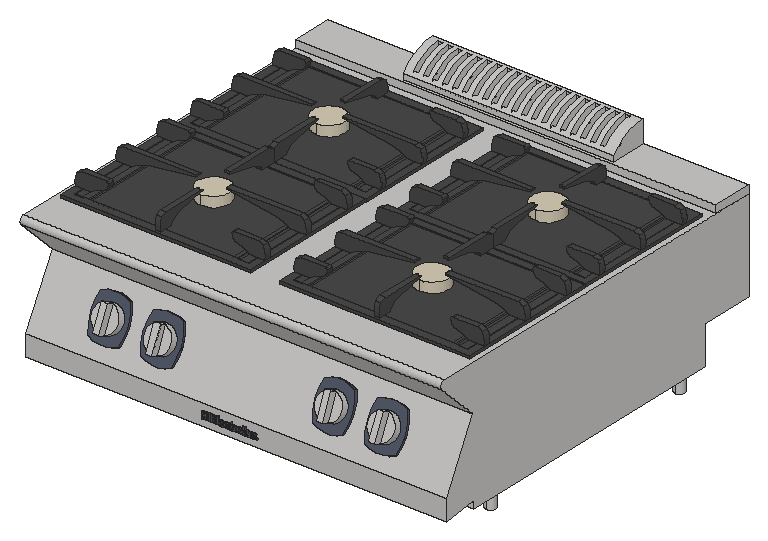
Revit family "QF_ELECTROLUXPROFESSIONAL_371001_E7GCGH4C00", category Specialty Equipment, Revit 2018 (continued)
Definition of nested family "371009_BURNER"
  Parameters
    CSI MasterFormat = ""
    CSI Master Format = ""
  Reference planes
    plane 1 "BACK": y = 0
    plane 2: z = 0
    plane 3 "LEFT": x = 0
    plane 4 "RIGHT": x = 800
    plane 5 "FRONT": y = -700
    plane 6 "TOP": z = 908.85
    plane 7 "Center Y": x = 400
    plane 8 "Center X": y = -350
    plane 9 "Base": z = 150
    plane 10: z = 850.85
  Forms (mm)
    Extrusion 1, solid
      sketch origin (0, -734.127, 5) x (1, 0, 0) y (0, 0, -1)
        loop
          arc (7.142, -850.85) -> (6.739, -862.989) -> (9.761, -874.752) r 42.809
          line (9.761, -874.752) -> (19.961, -879.425) -> (157.339, -879.425)
          arc (157.339, -879.425) -> (158.533, -878.312) -> (157.506, -877.043) r 1.197
          line (157.506, -877.043) -> (64.848, -864.021)
          arc (64.848, -864.021) -> (50.111, -858.738) -> (36.589, -850.85) r 85.245
          line (36.589, -850.85) -> (7.142, -850.85)
        loop
          line (367.858, -850.85) -> (338.411, -850.85)
          arc (338.411, -850.85) -> (324.889, -858.738) -> (310.152, -864.021) r 85.245
          line (310.152, -864.021) -> (217.494, -877.043)
          arc (217.494, -877.043) -> (216.467, -878.312) -> (217.661, -879.425) r 1.197
          line (217.661, -879.425) -> (355.039, -879.425) -> (365.239, -874.752)
          arc (365.239, -874.752) -> (368.261, -862.989) -> (367.858, -850.85) r 42.809
      from 224.564 to 234.564
    Extrusion 2, solid
      sketch origin (0, -734.127, 5) x (1, 0, 0) y (0, 0, -1)
        loop
          arc (7.056, -850.85) -> (6.705, -862.948) -> (9.748, -874.663) r 42.876
          line (9.748, -874.663) -> (19.961, -879.425) -> (65.851, -879.425)
          arc (65.851, -879.425) -> (68.577, -878.352) -> (69.841, -875.709) r 4
          arc (69.841, -875.709) -> (68.75, -869.25) -> (64.816, -864.012) r 13.87
          arc (64.816, -864.012) -> (50.096, -858.731) -> (36.589, -850.85) r 85.245
          line (36.589, -850.85) -> (7.056, -850.85)
        loop
          line (367.944, -850.85) -> (338.411, -850.85)
          arc (338.411, -850.85) -> (324.904, -858.731) -> (310.184, -864.012) r 85.245
          arc (310.184, -864.012) -> (306.25, -869.25) -> (305.159, -875.709) r 13.87
          arc (305.159, -875.709) -> (306.423, -878.352) -> (309.149, -879.425) r 4
          line (309.149, -879.425) -> (355.039, -879.425) -> (365.252, -874.663)
          arc (365.252, -874.663) -> (368.295, -862.948) -> (367.944, -850.85) r 42.876
      from 127.064 to 137.064
    Extrusion 3, solid
      sketch origin (0, -275, 5) x (1, 0, 0) y (0, 0, 1)
        loop
          arc (64.816, 864.012) -> (68.75, 869.25) -> (69.841, 875.709) r 13.87
          arc (69.841, 875.709) -> (68.577, 878.352) -> (65.851, 879.425) r 4
          line (65.851, 879.425) -> (19.961, 879.425) -> (9.748, 874.663)
          arc (9.748, 874.663) -> (6.705, 862.948) -> (7.056, 850.85) r 42.876
          line (7.056, 850.85) -> (36.589, 850.85)
          arc (36.589, 850.85) -> (50.096, 858.731) -> (64.816, 864.012) r 85.245
        loop
          arc (310.184, 864.012) -> (324.904, 858.731) -> (338.411, 850.85) r 85.245
          line (338.411, 850.85) -> (367.944, 850.85)
          arc (367.944, 850.85) -> (368.295, 862.948) -> (365.252, 874.663) r 42.876
          line (365.252, 874.663) -> (355.039, 879.425) -> (309.149, 879.425)
          arc (309.149, 879.425) -> (306.423, 878.352) -> (305.159, 875.709) r 4
          arc (305.159, 875.709) -> (306.25, 869.25) -> (310.184, 864.012) r 13.87
      from 127.064 to 137.064
    Extrusion 4, solid
      sketch origin (454.964, -29.48, 5) x (0, -1, 0) y (0, 0, 1)
        loop
          arc (366.649, 850.85) -> (375.927, 861.743) -> (389.337, 866.736) r 28.426
          line (389.337, 866.736) -> (441.256, 877.043)
          arc (441.256, 877.043) -> (442.283, 878.312) -> (441.089, 879.425) r 1.197
          line (441.089, 879.425) -> (347.797, 879.425)
          arc (347.797, 879.425) -> (343.211, 875.934) -> (337.583, 874.694) r 13.39
          line (337.583, 874.694) -> (337.583, 850.85) -> (366.649, 850.85)
        loop
          arc (606.236, 850.85) -> (606.587, 862.948) -> (603.543, 874.663) r 42.876
          line (603.543, 874.663) -> (593.33, 879.425) -> (509.077, 879.425)
          arc (509.077, 879.425) -> (507.883, 878.312) -> (508.911, 877.043) r 1.197
          line (508.911, 877.043) -> (560.83, 866.736)
          arc (560.83, 866.736) -> (574.239, 861.743) -> (583.518, 850.85) r 28.426
          line (583.518, 850.85) -> (606.236, 850.85)
      from 262.464 to 272.464
    Extrusion 5, solid
      sketch origin (0, 0, 850.85) x (0, -1, 0) y (1, 0, 0)
        loop
          line (642.216, 6.433) -> (642.216, 368.567) -> (367.857, 368.567) -> (367.857, 6.433) -> (642.216, 6.433)
        loop
          line (382.857, 21.433) -> (627.216, 21.433) -> (627.216, 353.567) -> (382.857, 353.567) -> (382.857, 21.433)
      from 0 to 5
    Extrusion 6, solid
      sketch origin (-12.5, 0, 855.85) x (0, -1, 0) y (1, 0, 0)
        loop
          circle (504.356, 200) r 30
      from -1.321 to 17.134
    Extrusion 7, solid
      sketch origin (0, -734.127, 0) x (1, 0, 0) y (0, 0, -1)
        loop
          line (21.433, -855.85) -> (36.589, -855.85)
          arc (36.589, -855.85) -> (40.561, -855.243) -> (44.305, -853.783) r 18.259
          arc (44.305, -853.783) -> (45.997, -853.366) -> (47.69, -853.783) r 3.649
          arc (47.69, -853.783) -> (49.901, -854.522) -> (52.232, -854.529) r 7.328
          line (52.232, -854.529) -> (322.768, -854.529)
          arc (322.768, -854.529) -> (325.099, -854.522) -> (327.31, -853.783) r 7.328
          arc (327.31, -853.783) -> (329.003, -853.366) -> (330.695, -853.783) r 3.649
          arc (330.695, -853.783) -> (334.439, -855.243) -> (338.411, -855.85) r 18.259
          line (338.411, -855.85) -> (353.567, -855.85) -> (353.567, -850.85) -> (21.433, -850.85) -> (21.433, -855.85)
      from 106.911 to 351.27
  Lines and regions (mm)
    symbolic lines
      curve 1: line (6.433, -642.216, 150) -> (368.567, -642.216, 150)
      curve 2: line (6.433, -367.857, 150) -> (6.433, -642.216, 150)
      curve 3: line (368.567, -367.857, 150) -> (192.5, -367.857, 150)
      curve 4: line (368.567, -642.216, 150) -> (368.567, -367.857, 150)
      curve 5: line (353.567, -382.857, 150) -> (192.5, -382.857, 150)
      curve 6: line (353.567, -627.216, 150) -> (353.567, -607.064, 150)
      curve 7: line (21.433, -627.216, 150) -> (182.5, -627.216, 150)
      curve 8: line (21.433, -382.857, 150) -> (21.433, -402.064, 150)
      curve 9: line (52.232, -627.216, 150) -> (52.232, -607.064, 150)
      curve 10: line (322.567, -382.857, 150) -> (322.567, -402.064, 150)
      curve 11: line (148.125, -499.564, 150) -> (148.125, -382.857, 150)
      curve 12: line (154.375, -382.857, 150) -> (154.375, -499.564, 150)
      curve 13: arc (148.297, -509.564, 150) -> (159.191, -533.254, 150) -> (182.5, -544.942, 150) r 39.375
      curve 14: arc (220.42, -509.564, 150) -> (211.39, -528.832, 150) -> (192.5, -538.631, 150) r 33.125
      curve 15: line (220.625, -382.857, 150) -> (220.625, -499.564, 150)
      curve 16: line (226.875, -499.564, 150) -> (226.875, -382.857, 150)
      curve 17: line (192.5, -636.339, 150) -> (192.5, -535.619, 150)
      curve 18: arc (182.657, -474.75, 150) -> (166.195, -483.236, 150) -> (157.853, -499.771, 150) r 30
      curve 19: arc (192.224, -533.982, 150) -> (208.621, -525.661, 150) -> (217.084, -509.337, 150) r 30
      curve 20: line (368.567, -597.064, 150) -> (305.159, -597.064, 150)
      curve 21: line (6.433, -607.064, 150) -> (69.841, -607.064, 150)
      curve 22: line (6.433, -509.564, 150) -> (156.429, -509.564, 150)
      curve 23: line (368.567, -499.564, 150) -> (218.571, -499.564, 150)
      curve 24: line (6.433, -412.064, 150) -> (69.841, -412.064, 150)
      curve 25: line (368.567, -402.064, 150) -> (305.159, -402.064, 150)
      curve 26: line (69.841, -597.064, 150) -> (6.433, -597.064, 150)
      curve 27: line (305.159, -607.064, 150) -> (368.567, -607.064, 150)
      curve 28: line (69.841, -402.064, 150) -> (6.433, -402.064, 150)
      curve 29: line (305.159, -412.064, 150) -> (368.567, -412.064, 150)
      curve 30: arc (69.841, -597.064, 150) -> (74.841, -602.064, 150) -> (69.841, -607.064, 150) r 5
      curve 31: arc (305.159, -607.064, 150) -> (300.159, -602.064, 150) -> (305.159, -597.064, 150) r 5
      curve 32: arc (69.841, -402.064, 150) -> (74.841, -407.064, 150) -> (69.841, -412.064, 150) r 5
      curve 33: arc (305.159, -412.064, 150) -> (300.159, -407.064, 150) -> (305.159, -402.064, 150) r 5
      curve 34: line (21.433, -412.064, 150) -> (21.433, -499.564, 150)
      curve 35: line (52.232, -402.064, 150) -> (52.232, -382.857, 150)
      curve 36: line (21.433, -509.564, 150) -> (21.433, -597.064, 150)
      curve 37: line (52.232, -499.564, 150) -> (52.232, -412.064, 150)
      curve 38: line (52.232, -597.064, 150) -> (52.232, -509.564, 150)
      curve 39: line (21.433, -607.064, 150) -> (21.433, -627.216, 150)
      curve 40: line (322.567, -607.064, 150) -> (322.567, -627.216, 150)
      curve 41: line (353.567, -597.064, 150) -> (353.567, -509.564, 150)
      curve 42: line (322.567, -509.564, 150) -> (322.567, -597.064, 150)
      curve 43: line (353.567, -499.564, 150) -> (353.567, -412.064, 150)
      curve 44: line (353.567, -402.064, 150) -> (353.567, -382.857, 150)
      curve 45: line (322.567, -412.064, 150) -> (322.567, -499.564, 150)
      curve 46: line (156.429, -499.564, 150) -> (6.433, -499.564, 150)
      curve 47: line (218.571, -509.564, 150) -> (368.567, -509.564, 150)
      curve 48: arc (218.571, -499.564, 150) -> (213.571, -504.564, 150) -> (218.571, -509.564, 150) r 5
      curve 49: arc (156.429, -499.564, 150) -> (161.429, -504.564, 150) -> (156.429, -509.564, 150) r 5
      curve 50: arc (157.916, -509.337, 150) -> (166.379, -525.661, 150) -> (182.776, -533.982, 150) r 30
      curve 51: arc (217.147, -499.771, 150) -> (208.805, -483.236, 150) -> (192.343, -474.75, 150) r 30
      curve 52: line (182.5, -535.619, 150) -> (182.5, -636.339, 150)
      curve 53: line (192.5, -473.508, 150) -> (192.5, -367.064, 150)
      curve 54: arc (192.5, -535.619, 150) -> (187.5, -530.619, 150) -> (182.5, -535.619, 150) r 5
      curve 55: arc (192.5, -473.508, 150) -> (187.5, -478.508, 150) -> (182.5, -473.508, 150) r 5
      curve 56: line (182.5, -367.857, 150) -> (6.433, -367.857, 150)
      curve 57: line (182.5, -382.857, 150) -> (21.433, -382.857, 150)
      curve 58: arc (192.5, -404.571, 150) -> (196.398, -417.071, 150) -> (192.5, -429.571, 150) r 21.993
      curve 59: arc (196.181, -420.148, 150) -> (199.482, -417.071, 150) -> (196.181, -413.995, 150) r 3.084
      curve 60: arc (182.5, -404.571, 150) -> (178.602, -417.071, 150) -> (182.5, -429.571, 150) r 21.993
      curve 61: arc (178.819, -420.148, 150) -> (175.518, -417.071, 150) -> (178.819, -413.995, 150) r 3.084
      curve 62: line (182.5, -367.064, 150) -> (182.5, -473.508, 150)
      curve 63: arc (182.5, -538.631, 150) -> (163.61, -528.832, 150) -> (154.58, -509.564, 150) r 33.125
      curve 64: arc (192.5, -544.942, 150) -> (215.809, -533.254, 150) -> (226.703, -509.564, 150) r 39.375
      curve 65: line (182.5, -636.339, 150) -> (192.5, -636.339, 150)
      curve 66: line (182.5, -377.277, 150) -> (192.5, -377.277, 150)
      curve 67: line (182.5, -367.064, 150) -> (192.5, -367.064, 150)
      curve 68: line (192.5, -627.216, 150) -> (353.567, -627.216, 150)
  Dimensions and locks
    equal spacing: plane 3 "LEFT", plane 7 "Center Y", plane 4 "RIGHT"
    plane 3 "LEFT" to plane 4 "RIGHT" = 800 mm
    equal spacing: plane 5 "FRONT", plane 8 "Center X", plane 1 "BACK"
    plane 5 "FRONT" to plane 1 "BACK" = 700 mm
    plane 6 "TOP" to level = 908.85 mm
    plane 9 "Base" to level = 150 mm
    plane 6 "TOP" to plane 10 = 58 mm  (x2)
    aligned and locked: level to plane 2
  Automatic sketch dimensions
    Extrusion 5 sketch curve to Extrusion 5 sketch curve = 15 mm  (x2)
    Extrusion 5 sketch curve to Extrusion 5 sketch curve = 332.134 mm
    plane 3 "LEFT" to Extrusion 2 sketch curve = 7.056 mm
    plane 3 "LEFT" to Extrusion 2 sketch curve = 9.748 mm
    Extrusion 2 sketch curve to Extrusion 2 sketch curve = 10.213 mm  (x2)
    plane 10 to Extrusion 2 sketch curve = 5 mm  (x2)
    Extrusion 2 sketch curve to Extrusion 2 sketch curve = 29.533 mm
    Extrusion 2 sketch curve to Extrusion 2 sketch curve = 12.72 mm  (x2)
    Extrusion 2 sketch curve to Extrusion 2 sketch curve = 6.697 mm
    Extrusion 2 sketch curve to Extrusion 2 sketch curve = 8.81 mm
    Extrusion 2 sketch curve to Extrusion 2 sketch curve = 9.845 mm  (x2)
    Extrusion 2 sketch curve to Extrusion 2 sketch curve = 3.99 mm  (x2)
    Extrusion 2 sketch curve to Extrusion 2 sketch curve = 0 mm  (x2)
    Extrusion 2 sketch curve to Extrusion 2 sketch curve = 36.813 mm
    Extrusion 2 sketch curve to plane 7 "Center Y" = 111.122 mm
    Extrusion 2 sketch curve to plane 6 "TOP" = 28.141 mm
    Extrusion 2 sketch curve to plane 7 "Center Y" = 94.841 mm
    Extrusion 2 sketch curve to Extrusion 2 sketch curve = 1.035 mm
    Extrusion 2 sketch curve to Extrusion 2 sketch curve = 15.507 mm
    Extrusion 2 sketch curve to Extrusion 2 sketch curve = 16.628 mm
    Extrusion 2 sketch curve to Extrusion 2 sketch curve = 2.692 mm
    Extrusion 2 sketch curve to plane 6 "TOP" = 24.425 mm
    Extrusion 2 sketch curve to Extrusion 2 sketch curve = 28.575 mm
    Extrusion 2 sketch curve to Extrusion 2 sketch curve = 3.716 mm
    Extrusion 2 sketch curve to Extrusion 2 sketch curve = 4.763 mm  (x2)
    plane 3 "LEFT" to Extrusion 1 sketch curve = 7.142 mm
    plane 3 "LEFT" to Extrusion 1 sketch curve = 9.761 mm
    Extrusion 1 sketch curve to Extrusion 1 sketch curve = 10.201 mm  (x2)
    plane 10 to Extrusion 1 sketch curve = 5 mm  (x2)
    Extrusion 1 sketch curve to Extrusion 1 sketch curve = 29.447 mm
    Extrusion 1 sketch curve to Extrusion 1 sketch curve = 12.704 mm  (x2)
    Extrusion 1 sketch curve to Extrusion 1 sketch curve = 15.555 mm  (x2)
    Extrusion 1 sketch curve to Extrusion 1 sketch curve = 36.829 mm
    Extrusion 1 sketch curve to plane 6 "TOP" = 24.425 mm  (x2)
    Extrusion 1 sketch curve to Extrusion 1 sketch curve = 92.491 mm
    Extrusion 1 sketch curve to plane 6 "TOP" = 26.807 mm  (x2)
    Extrusion 1 sketch curve to Extrusion 1 sketch curve = 0.167 mm  (x2)
    Extrusion 1 sketch curve to Extrusion 1 sketch curve = 59.988 mm
    Extrusion 1 sketch curve to plane 7 "Center Y" = 111.122 mm
    plane 10 to Extrusion 1 sketch curve = 18.171 mm
    Extrusion 1 sketch curve to Extrusion 1 sketch curve = 21.274 mm
    Extrusion 1 sketch curve to Extrusion 1 sketch curve = 16.628 mm
    Extrusion 1 sketch curve to Extrusion 1 sketch curve = 2.618 mm
    Extrusion 1 sketch curve to Extrusion 1 sketch curve = 4.673 mm  (x2)
    Extrusion 1 sketch curve to Extrusion 1 sketch curve = 5.694 mm
    plane 3 "LEFT" to Extrusion 3 sketch curve = 7.056 mm
    plane 3 "LEFT" to Extrusion 3 sketch curve = 9.748 mm
    Extrusion 3 sketch curve to Extrusion 3 sketch curve = 10.213 mm  (x2)
    plane 10 to Extrusion 3 sketch curve = 5 mm  (x2)
    Extrusion 3 sketch curve to Extrusion 3 sketch curve = 29.533 mm
    Extrusion 3 sketch curve to Extrusion 3 sketch curve = 12.72 mm  (x2)
    Extrusion 3 sketch curve to Extrusion 3 sketch curve = 6.697 mm
    Extrusion 3 sketch curve to Extrusion 3 sketch curve = 8.81 mm
    Extrusion 3 sketch curve to Extrusion 3 sketch curve = 9.845 mm  (x2)
    Extrusion 3 sketch curve to Extrusion 3 sketch curve = 3.99 mm  (x2)
    Extrusion 3 sketch curve to Extrusion 3 sketch curve = 0 mm  (x2)
    Extrusion 3 sketch curve to Extrusion 3 sketch curve = 36.813 mm
    Extrusion 3 sketch curve to plane 7 "Center Y" = 111.122 mm
    Extrusion 3 sketch curve to plane 6 "TOP" = 28.141 mm
    Extrusion 3 sketch curve to plane 7 "Center Y" = 94.841 mm
    Extrusion 3 sketch curve to Extrusion 3 sketch curve = 1.035 mm
    Extrusion 3 sketch curve to Extrusion 3 sketch curve = 15.507 mm
    Extrusion 3 sketch curve to Extrusion 3 sketch curve = 16.628 mm
    Extrusion 3 sketch curve to Extrusion 3 sketch curve = 2.692 mm
    Extrusion 3 sketch curve to plane 10 = 64.377 mm  (x2)
    plane 10 to Extrusion 3 sketch curve = 12.281 mm  (x2)
    Extrusion 3 sketch curve to Extrusion 3 sketch curve = 10.713 mm
    Extrusion 5 to Extrusion 6 sketch curve = 121.499 mm
    Extrusion 5 to Extrusion 6 sketch curve = 166.067 mm
    plane 3 "LEFT" to Extrusion 5 sketch curve = 21.433 mm
    Extrusion 5 sketch curve to plane 5 "FRONT" = 72.784 mm
    plane 3 "LEFT" to Extrusion 7 sketch curve = 21.433 mm
    Extrusion 7 sketch curve to Extrusion 7 sketch curve = 14.402 mm
    plane 10 to Extrusion 7 sketch curve = 5 mm
    plane 10 to Extrusion 7 sketch curve = 2.933 mm  (x4)
    Extrusion 7 sketch curve to Extrusion 7 sketch curve = 7.716 mm  (x2)
    Extrusion 7 sketch curve to Extrusion 7 sketch curve = 0 mm  (x2)
    Extrusion 7 sketch curve to Extrusion 7 sketch curve = 1.692 mm  (x2)
    Extrusion 7 sketch curve to Extrusion 7 sketch curve = 3.385 mm  (x2)
    Extrusion 7 sketch curve to plane 10 = 3.559 mm  (x2)
    Extrusion 7 sketch curve to Extrusion 7 sketch curve = 302.478 mm
    Extrusion 7 sketch curve to Extrusion 7 sketch curve = 15.253 mm
    Extrusion 7 sketch curve to Extrusion 7 sketch curve = 15.156 mm  (x2)
    Extrusion 7 sketch curve to Extrusion 7 sketch curve = 3.233 mm
    Extrusion 7 sketch curve to plane 10 = 0 mm
    Extrusion 7 sketch curve to plane 7 "Center Y" = 77.232 mm
    Extrusion 5 sketch curve to plane 8 "Center X" = 32.857 mm
    plane 3 "LEFT" to Extrusion 5 sketch curve = 6.433 mm
    plane 1 "BACK" to Extrusion 5 sketch curve = 367.857 mm
    plane 10 to Extrusion 4 sketch curve = 5 mm  (x2)
    Extrusion 4 sketch curve to Extrusion 4 sketch curve = 29.066 mm
    Extrusion 4 sketch curve to Extrusion 4 sketch curve = 22.688 mm
    Extrusion 4 sketch curve to plane 10 = 7.392 mm  (x2)
    Extrusion 4 sketch curve to Extrusion 4 sketch curve = 25.583 mm
    Extrusion 4 sketch curve to plane 6 "TOP" = 24.425 mm  (x2)
    Extrusion 4 sketch curve to Extrusion 4 sketch curve = 51.752 mm
    Extrusion 4 sketch curve to Extrusion 4 sketch curve = 0.167 mm  (x2)
    Extrusion 4 sketch curve to plane 6 "TOP" = 26.807 mm
    Extrusion 4 sketch curve to Extrusion 4 sketch curve = 67.655 mm
    Extrusion 4 sketch curve to Extrusion 4 sketch curve = 49.024 mm
    Extrusion 4 sketch curve to Extrusion 4 sketch curve = 2.895 mm
    Extrusion 4 sketch curve to Extrusion 4 sketch curve = 3.153 mm
    Extrusion 4 sketch curve to Extrusion 4 sketch curve = 19.535 mm
    Extrusion 4 sketch curve to Extrusion 4 sketch curve = 9.813 mm
    Extrusion 4 sketch curve to Extrusion 4 sketch curve = 10.213 mm
    Extrusion 4 sketch curve to Extrusion 4 sketch curve = 22.718 mm
    Extrusion 4 sketch curve to Extrusion 4 sketch curve = 8.605 mm
    Extrusion 4 sketch curve to Extrusion 4 sketch curve = 4.731 mm
    Extrusion 4 sketch curve to Extrusion 4 sketch curve = 2.382 mm
    Extrusion 4 sketch curve to Extrusion 4 sketch curve = 8.658 mm
    Extrusion 4 sketch curve to plane 8 "Center X" = 17.064 mm
    curve 13 to curve 14 = 0 mm  (x2)
    curve 13 to curve 63 = 0 mm  (x2)
    curve 13 to curve 64 = 0 mm  (x2)
    curve 18 to curve 19 = 0 mm  (x2)
    curve 18 to curve 50 = 0 mm  (x2)
    curve 18 to curve 51 = 0 mm  (x2)
    curve 25 to plane 7 "Center Y" = 31.433 mm
    curve 3 to curve 44 = 15 mm
    curve 43 to curve 44 = 0 mm
    curve 1 to curve 68 = 15 mm
    curve 41 to curve 43 = 0 mm
    curve 6 to curve 40 = 31 mm
    curve 41 to curve 42 = 31 mm
    curve 43 to curve 45 = 31 mm
    curve 10 to curve 45 = 0 mm
    curve 40 to curve 27 = 17.408 mm
    curve 45 to curve 29 = 17.408 mm
    curve 16 to curve 64 = 0.172 mm
    curve 16 to curve 15 = 6.25 mm
    curve 64 to curve 14 = 6.283 mm
    curve 15 to curve 23 = 2.054 mm
    curve 23 to curve 51 = 1.424 mm
    curve 47 to curve 19 = 1.487 mm
    curve 15 to curve 60 = 20.029 mm
    curve 60 to curve 59 = 4.198 mm
    curve 59 to curve 59 = 0.216 mm  (x2)
    curve 19 to curve 64 = 24.584 mm
    curve 55 to curve 51 = 0.157 mm
    curve 54 to curve 19 = 0.276 mm
    curve 19 to curve 64 = 4.724 mm
    curve 18 to curve 13 = 0 mm
    curve 54 to curve 54 = 5 mm
    curve 50 to curve 54 = 0.276 mm
    curve 18 to curve 55 = 0.157 mm
    curve 60 to curve 61 = 3.681 mm
    curve 61 to curve 61 = 0 mm
    curve 61 to curve 61 = 0.216 mm
    curve 61 to curve 58 = 4.198 mm
    curve 13 to curve 50 = 29.584 mm
    curve 50 to curve 18 = 0.064 mm
    curve 50 to curve 22 = 1.487 mm
    curve 22 to curve 63 = 1.849 mm
    curve 49 to curve 12 = 2.054 mm
    curve 63 to curve 13 = 6.283 mm
    curve 12 to curve 11 = 6.25 mm
    plane 3 "LEFT" to curve 30 = 69.841 mm
    plane 3 "LEFT" to curve 28 = 69.841 mm
    plane 3 "LEFT" to curve 38 = 52.232 mm
    curve 24 to curve 37 = 17.609 mm
    curve 9 to curve 38 = 0 mm
    curve 28 to curve 35 = 17.609 mm
    plane 3 "LEFT" to curve 39 = 21.433 mm
    plane 3 "LEFT" to curve 8 = 21.433 mm
    curve 34 to curve 8 = 0 mm
    curve 36 to curve 34 = 0 mm
    plane 3 "LEFT" to curve 21 = 6.433 mm
    curve 67 to curve 56 = 0.794 mm
    curve 67 to curve 3 = 0.794 mm
    curve 56 to curve 66 = 9.419 mm
    curve 10 to curve 33 = 19.206 mm
    curve 8 to curve 8 = 19.206 mm
    curve 57 to curve 60 = 21.714 mm
    curve 60 to curve 58 = 0 mm
    curve 28 to curve 32 = 5 mm
    curve 33 to curve 33 = 5 mm
    curve 58 to curve 59 = 9.423 mm
    curve 61 to curve 58 = 3.077 mm
    curve 60 to curve 62 = 43.937 mm
    curve 51 to curve 15 = 24.814 mm
    curve 23 to curve 51 = 0.207 mm
    curve 18 to curve 13 = 1.529 mm
    curve 38 to curve 38 = 87.5 mm
    curve 42 to curve 31 = 87.5 mm
    curve 26 to curve 30 = 5 mm
    curve 31 to curve 31 = 5 mm
    curve 9 to curve 9 = 20.152 mm
    curve 65 to plane 5 "FRONT" = 63.661 mm
    curve 6 to curve 4 = 15 mm
    curve 55 to curve 55 = 5 mm
    curve 53 to curve 18 = 5 mm
    curve 45 to curve 16 = 95.692 mm
    curve 2 to curve 57 = 15 mm
    curve 10 to plane 8 "Center X" = 32.857 mm
    curve 57 to plane 8 "Center X" = 32.857 mm
    curve 6 to curve 68 = 20.152 mm
    radius of Extrusion 6 sketch curve = 30 mm
